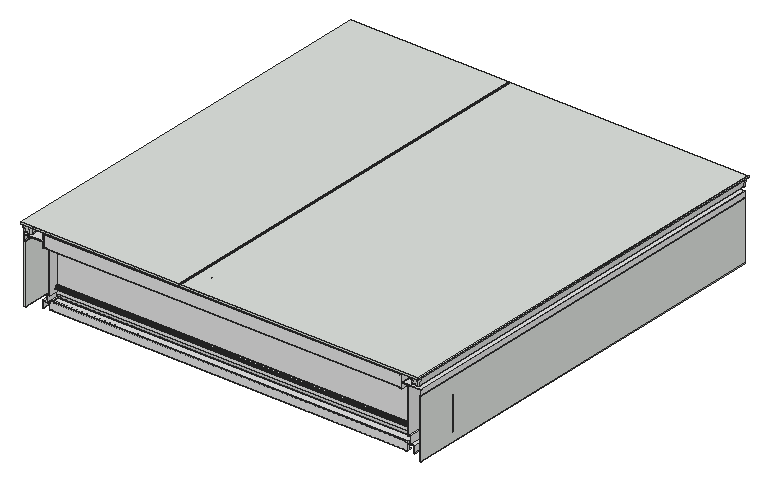
Revit family "Furniture-Mirror_Cabinet-KOHLER-K-56003K_1", category Casework, host Face, Revit 2022 (continued)
Definition of nested family "K-56003K"
  Forms (in)
    Extrusion 35, solid, material <- "Material", detail levels coarse
      sketch origin (0, 0, 0) x (0, 1, 0) y (0, 0, 1)
        loop
          line (-12.23622, 0.44444) -> (-12.23622, 0) -> (-11.96497, 0) -> (-11.96497, 0.0431) -> (-12.19304, 0.0431) -> (-12.19304, 0.40015) -> (-11.64114, 0.40015) -> (-11.64114, 4.49745) -> (-12.73716, 4.49745) -> (-12.73716, 3.73949) -> (-12.63303, 3.73949) -> (-12.63303, 3.78334) -> (-12.69491, 3.78334) -> (-12.69491, 4.45471) -> (-11.68789, 4.45471) -> (-11.68789, 0.44444) -> (-12.23622, 0.44444)
      from -11.26969 to 11.26969
    Extrusion 36, solid, detail levels coarse
      sketch origin (0, 0, 0) x (1, 0, 0) y (0, 1, 0)
        loop
          line (12.53937, -12.99213) -> (12.53937, 12.99213) -> (-2.46063, 12.99213) -> (-2.46063, -12.99213) -> (12.53937, -12.99213)
        loop
          line (-12.53937, -12.99213) -> (-2.53937, -12.99213) -> (-2.53937, 12.99213) -> (-12.53937, 12.99213) -> (-12.53937, -12.99213)
      from 4.76417 to 4.88228
  Cuts and joins
    Extrusion 3, Extrusion 16 cuts Extrusion 1
    joined: Extrusion 5, Extrusion 7
    joined: Sweep 8, Extrusion 10
    joined: Sweep 14, Extrusion 15
    joined: Sweep 19, Extrusion 20, Extrusion 21, Sweep 22, Extrusion 23, Extrusion 24
    Extrusion 3 cuts Extrusion 34
  Lines and regions (in)
    Masking region 1
      outline origin (0, 0, 0) x (1, 0, 0) y (0, 1, 0)
        loop
          line (12.53937, -12.96713) -> (12.53937, 12.96713) -> (12.51437, 12.99213) -> (-2.43563, 12.99213) -> (-2.46063, 12.96713) -> (-2.46063, 12.73622) -> (-2.53937, 12.73622) -> (-2.53937, 12.96713) -> (-2.56437, 12.99213) -> (-12.51437, 12.99213) -> (-12.53937, 12.96713) -> (-12.53937, -12.96713) -> (-12.51437, -12.99213) -> (-2.56437, -12.99213) -> (-2.53937, -12.96713) -> (-2.53937, -12.73622) -> (-2.46063, -12.73622) -> (-2.46063, -12.96713) -> (-2.43563, -12.99213) -> (12.51437, -12.99213) -> (12.53937, -12.96713)
    Masking region 2, visible <- "Surface Mount"
      outline origin (0, 0, 0) x (1, 0, 0) y (0, 0, 1)
        loop
          line (12.51969, 0.05348) -> (12.51969, 3.70975) -> (12.49743, 3.73201) -> (12.42383, 3.73201) -> (12.40157, 3.70975) -> (12.40157, 3.26109) -> (12.33796, 3.26109) -> (12.33796, 2.5909) -> (11.33317, 2.5909) -> (11.33317, 1.94195) -> (11.32087, 1.98811) -> (11.32087, 1.7751) -> (11.33317, 1.82127) -> (11.33317, 1.17231) -> (12.33496, 1.17231) -> (12.33496, 0.50474) -> (12.38189, 0.50474) -> (12.38189, 0.62177) -> (12.40157, 0.58768) -> (12.40157, 0.05348) -> (12.42383, 0.03122) -> (12.49743, 0.03122) -> (12.51969, 0.05348)
    Masking region 3, visible <- "Surface Mount"
      outline origin (0, 0, 0) x (-1, 0, 0) y (0, 0, -1)
        loop
          line (12.51969, -0.05348) -> (12.49743, -0.03122) -> (12.42383, -0.03122) -> (12.40157, -0.05348) -> (12.40157, -0.58768) -> (12.38189, -0.62177) -> (12.38189, -0.50474) -> (12.33496, -0.50474) -> (12.33496, -1.17231) -> (11.33317, -1.17231) -> (11.33317, -1.82127) -> (11.32087, -1.7751) -> (11.32087, -1.98811) -> (11.33317, -1.94195) -> (11.33317, -2.5909) -> (12.33796, -2.5909) -> (12.33796, -3.26109) -> (12.40157, -3.26109) -> (12.40157, -3.70975) -> (12.42383, -3.73201) -> (12.49743, -3.73201) -> (12.51969, -3.70975) -> (12.51969, -0.05348)
    Masking region 4
      outline origin (0, 0, 0) x (1, 0, 0) y (0, 0, 1)
        loop
          line (11.71937, 0.02165) -> (11.71937, 0.4207)
          arc (11.71937, 0.4207) -> (11.71277, 0.43663) -> (11.69685, 0.44323) r 0.02252
          line (11.69685, 0.44323) -> (11.48425, 0.44323) -> (11.48425, 0.868)
          arc (11.48425, 0.868) -> (11.47836, 0.88222) -> (11.46414, 0.88811) r 0.02011
          line (11.46414, 0.88811) -> (11.34682, 0.88811)
          arc (11.34682, 0.88811) -> (11.32847, 0.89571) -> (11.32087, 0.91406) r 0.02595
          line (11.32087, 0.91406) -> (11.32087, 1.33043) -> (11.32087, 4.03248)
          arc (11.32087, 4.03248) -> (11.32857, 4.05108) -> (11.34717, 4.05878) r 0.0263
          line (11.34717, 4.05878) -> (12.44542, 4.05878)
          arc (12.44542, 4.05878) -> (12.46174, 4.05202) -> (12.4685, 4.03569) r 0.02309
          line (12.4685, 4.03569) -> (12.4685, 3.76545)
          arc (12.4685, 3.76545) -> (12.49409, 3.73986) -> (12.51969, 3.76545) r 0.02559
          line (12.51969, 3.76545) -> (12.51969, 4.08757)
          arc (12.51969, 4.08757) -> (12.51313, 4.1034) -> (12.49729, 4.10996) r 0.02239
          line (12.49729, 4.10996) -> (11.32087, 4.10996) -> (11.32087, 4.14146) -> (11.77792, 4.14146)
          arc (11.77792, 4.14146) -> (11.80276, 4.15174) -> (11.81305, 4.17658) r 0.03513
          line (11.81305, 4.17658) -> (11.81305, 4.22874) -> (12.31652, 4.22874) -> (12.31652, 4.26024) -> (12.4036, 4.26024)
          arc (12.4036, 4.26024) -> (12.43083, 4.27083) -> (12.44376, 4.29704) r 0.04032
          line (12.44376, 4.29704) -> (12.48287, 4.76417) -> (12.51437, 4.76417) -> (12.53937, 4.78917) -> (12.53937, 4.85728) -> (12.51437, 4.88228) -> (-2.43563, 4.88228) -> (-2.46063, 4.85728) -> (-2.46063, 4.78917) -> (-2.43563, 4.76417) -> (-2.36574, 4.76417)
          arc (-2.36574, 4.76417) -> (-2.34968, 4.7494) -> (-2.33052, 4.73897) r 0.08914
          arc (-2.33052, 4.73897) -> (-2.29803, 4.70569) -> (-2.27902, 4.66324) r 0.13267
          arc (-2.27902, 4.66324) -> (-2.27224, 4.64724) -> (-2.25617, 4.64064) r 0.02286
          line (-2.25617, 4.64064) -> (-2.20035, 4.64064) -> (-2.20035, 4.60227) -> (-2.18272, 4.53647)
          arc (-2.18272, 4.53647) -> (-2.17317, 4.52218) -> (-2.1569, 4.51665) r 0.02673
          line (-2.1569, 4.51665) -> (-1.90374, 4.51665)
          arc (-1.90374, 4.51665) -> (-1.88711, 4.52246) -> (-1.87771, 4.53736) r 0.02671
          line (-1.87771, 4.53736) -> (-1.86273, 4.60227) -> (-1.86273, 4.6388) -> (10.57114, 4.64075) -> (10.5966, 4.49637) -> (-10.59431, 4.49637) -> (-10.57914, 4.64064) -> (-3.13594, 4.64064) -> (-3.13594, 4.60227) -> (-3.12095, 4.53736)
          arc (-3.12095, 4.53736) -> (-3.11155, 4.52246) -> (-3.09492, 4.51665) r 0.02671
          line (-3.09492, 4.51665) -> (-2.84176, 4.51665)
          arc (-2.84176, 4.51665) -> (-2.82549, 4.52218) -> (-2.81594, 4.53647) r 0.02673
          line (-2.81594, 4.53647) -> (-2.79831, 4.60227) -> (-2.79831, 4.64064) -> (-2.74712, 4.64064)
          arc (-2.74712, 4.64064) -> (-2.73104, 4.64724) -> (-2.72426, 4.66324) r 0.02286
          arc (-2.72426, 4.66324) -> (-2.70525, 4.70569) -> (-2.67276, 4.73897) r 0.13267
          arc (-2.67276, 4.73897) -> (-2.6536, 4.7494) -> (-2.63754, 4.76417) r 0.08914
          line (-2.63754, 4.76417) -> (-2.56437, 4.76417) -> (-2.53937, 4.78917) -> (-2.53937, 4.85728) -> (-2.56437, 4.88228) -> (-12.51437, 4.88228) -> (-12.53937, 4.85728) -> (-12.53937, 4.78917) -> (-12.51437, 4.76417) -> (-12.48287, 4.76417) -> (-12.44376, 4.29704)
          arc (-12.44376, 4.29704) -> (-12.43083, 4.27083) -> (-12.4036, 4.26024) r 0.04032
          line (-12.4036, 4.26024) -> (-12.31652, 4.26024) -> (-12.31652, 4.22874) -> (-11.81305, 4.22874) -> (-11.81305, 4.19682)
          arc (-11.81305, 4.19682) -> (-11.80368, 4.1742) -> (-11.78106, 4.16484) r 0.03198
          line (-11.78106, 4.16484) -> (-11.32087, 4.16484) -> (-11.32087, 4.10996) -> (-12.49729, 4.10996)
          arc (-12.49729, 4.10996) -> (-12.51313, 4.1034) -> (-12.51969, 4.08757) r 0.02239
          line (-12.51969, 4.08757) -> (-12.51969, 3.76545)
          arc (-12.51969, 3.76545) -> (-12.49409, 3.73986) -> (-12.4685, 3.76545) r 0.02559
          line (-12.4685, 3.76545) -> (-12.4685, 4.03569)
          arc (-12.4685, 4.03569) -> (-12.46174, 4.05202) -> (-12.44542, 4.05878) r 0.02309
          line (-12.44542, 4.05878) -> (-11.34717, 4.05878)
          arc (-11.34717, 4.05878) -> (-11.32857, 4.05108) -> (-11.32087, 4.03248) r 0.0263
          line (-11.32087, 4.03248) -> (-11.32087, 1.33043) -> (-11.32087, 0.91406)
          arc (-11.32087, 0.91406) -> (-11.32847, 0.89571) -> (-11.34682, 0.88811) r 0.02595
          line (-11.34682, 0.88811) -> (-11.46414, 0.88811)
          arc (-11.46414, 0.88811) -> (-11.47836, 0.88222) -> (-11.48425, 0.868) r 0.02011
          line (-11.48425, 0.868) -> (-11.48425, 0.44323) -> (-11.69685, 0.44323)
          arc (-11.69685, 0.44323) -> (-11.71277, 0.43663) -> (-11.71937, 0.4207) r 0.02252
          line (-11.71937, 0.4207) -> (-11.71937, 0.02165)
          arc (-11.71937, 0.02165) -> (-11.69772, 0) -> (-11.67606, 0.02165) r 0.02165
          line (-11.67606, 0.02165) -> (-11.67606, 0.3801)
          arc (-11.67606, 0.3801) -> (-11.67026, 0.39412) -> (-11.65624, 0.39992) r 0.01982
          line (-11.65624, 0.39992) -> (-11.30402, 0.39992) -> (-11.26997, 0.38811) -> (-11.60886, 0.38811) -> (-11.63386, 0.36311) -> (-11.63386, 0.295) -> (-11.60886, 0.27) -> (-11.26997, 0.27) -> (-11.26997, 0) -> (11.26997, 0) -> (11.26997, 0.27) -> (11.60886, 0.27) -> (11.63386, 0.295) -> (11.63386, 0.36311) -> (11.60886, 0.38811) -> (11.26997, 0.38811) -> (11.30402, 0.39992) -> (11.65624, 0.39992)
          arc (11.65624, 0.39992) -> (11.67026, 0.39412) -> (11.67606, 0.3801) r 0.01982
          line (11.67606, 0.3801) -> (11.67606, 0.02165)
          arc (11.67606, 0.02165) -> (11.69772, 0) -> (11.71937, 0.02165) r 0.02165
        loop
          arc (11.44094, 0.8236) -> (11.43474, 0.83859) -> (11.41975, 0.8448) r 0.0212
          line (11.41975, 0.8448) -> (11.2924, 0.8448)
          arc (11.2924, 0.8448) -> (11.27654, 0.85137) -> (11.26997, 0.86723) r 0.02243
          line (11.26997, 0.86723) -> (11.26997, 0.4223)
          arc (11.26997, 0.4223) -> (11.2761, 0.4371) -> (11.2909, 0.44323) r 0.02093
          line (11.2909, 0.44323) -> (11.41934, 0.44323)
          arc (11.41934, 0.44323) -> (11.43462, 0.44955) -> (11.44094, 0.46483) r 0.0216
          line (11.44094, 0.46483) -> (11.44094, 0.8236)
        loop
          line (-11.44094, 0.8236) -> (-11.44094, 0.46483)
          arc (-11.44094, 0.46483) -> (-11.43462, 0.44955) -> (-11.41934, 0.44323) r 0.0216
          line (-11.41934, 0.44323) -> (-11.2909, 0.44323)
          arc (-11.2909, 0.44323) -> (-11.2761, 0.4371) -> (-11.26997, 0.4223) r 0.02093
          line (-11.26997, 0.4223) -> (-11.26997, 0.86723)
          arc (-11.26997, 0.86723) -> (-11.27654, 0.85137) -> (-11.2924, 0.8448) r 0.02243
          line (-11.2924, 0.8448) -> (-11.41975, 0.8448)
          arc (-11.41975, 0.8448) -> (-11.43474, 0.83859) -> (-11.44094, 0.8236) r 0.0212
    Masking region 5
      outline origin (0, 0, 0) x (0, 1, 0) y (0, 0, 1)
        loop
          line (12.99213, 4.78917) -> (12.99213, 4.85728) -> (12.96713, 4.88228) -> (-12.96713, 4.88228) -> (-12.99213, 4.85728) -> (-12.99213, 4.78917) -> (-12.96713, 4.76417) -> (-12.89098, 4.76417) -> (-12.84298, 4.30747)
          arc (-12.84298, 4.30747) -> (-12.82582, 4.27379) -> (-12.79052, 4.26024) r 0.05275
          line (-12.79052, 4.26024) -> (-12.73622, 4.26024) -> (-12.73622, 3.73988) -> (-12.23622, 3.73988) -> (-12.19156, 3.73201) -> (12.19156, 3.73201) -> (12.23622, 3.73988) -> (12.73622, 3.73988) -> (12.73622, 4.26024) -> (12.79052, 4.26024)
          arc (12.79052, 4.26024) -> (12.82582, 4.27379) -> (12.84298, 4.30747) r 0.05275
          line (12.84298, 4.30747) -> (12.89098, 4.76417) -> (12.96713, 4.76417) -> (12.99213, 4.78917)
        loop
          line (-7.49082, 4.18626) -> (-7.41684, 4.26024) -> (-7.87124, 4.26024) -> (-7.87124, 4.1719)
          arc (-7.87124, 4.1719) -> (-7.88237, 4.14503) -> (-7.90924, 4.1339) r 0.038
          line (-7.90924, 4.1339) -> (-8.31286, 4.1339)
          arc (-8.31286, 4.1339) -> (-8.34904, 4.14359) -> (-8.37552, 4.17007) r 0.07235
          line (-8.37552, 4.17007) -> (-9.62193, 4.17007)
          arc (-9.62193, 4.17007) -> (-9.64841, 4.14359) -> (-9.68458, 4.1339) r 0.07235
          line (-9.68458, 4.1339) -> (-10.08821, 4.1339)
          arc (-10.08821, 4.1339) -> (-10.11508, 4.14503) -> (-10.12621, 4.1719) r 0.038
          line (-10.12621, 4.1719) -> (-10.12621, 4.26024) -> (-10.58316, 4.26024) -> (-10.50918, 4.18626)
          arc (-10.50918, 4.18626) -> (-10.41834, 4.12556) -> (-10.31119, 4.10424) r 0.28
          line (-10.31119, 4.10424) -> (-7.68881, 4.10424)
          arc (-7.68881, 4.10424) -> (-7.58166, 4.12556) -> (-7.49082, 4.18626) r 0.28
        loop
          arc (7.49082, 4.18626) -> (7.58166, 4.12556) -> (7.68881, 4.10424) r 0.28
          line (7.68881, 4.10424) -> (10.31119, 4.10424)
          arc (10.31119, 4.10424) -> (10.41834, 4.12556) -> (10.50918, 4.18626) r 0.28
          line (10.50918, 4.18626) -> (10.58316, 4.26024) -> (10.12621, 4.26024) -> (10.12621, 4.1719)
          arc (10.12621, 4.1719) -> (10.11508, 4.14503) -> (10.08821, 4.1339) r 0.038
          line (10.08821, 4.1339) -> (9.68458, 4.1339)
          arc (9.68458, 4.1339) -> (9.64841, 4.14359) -> (9.62193, 4.17007) r 0.07235
          line (9.62193, 4.17007) -> (8.37552, 4.17007)
          arc (8.37552, 4.17007) -> (8.34904, 4.14359) -> (8.31286, 4.1339) r 0.07235
          line (8.31286, 4.1339) -> (7.90924, 4.1339)
          arc (7.90924, 4.1339) -> (7.88237, 4.14503) -> (7.87124, 4.1719) r 0.038
          line (7.87124, 4.1719) -> (7.87124, 4.26024) -> (7.41684, 4.26024) -> (7.49082, 4.18626)
    Masking region 6, visible <- "Surface Mount"
      outline origin (0, 0, 0) x (0, 1, 0) y (0, 0, 1)
        loop
          line (12.73622, 3.70602) -> (12.71023, 3.73201) -> (-12.71023, 3.73201) -> (-12.73622, 3.70602) -> (-12.73622, 0.05721) -> (-12.71003, 0.03102) -> (-12.23622, 0.03102) -> (-12.23622, 0) -> (12.23622, 0) -> (12.23622, 0.03122) -> (12.71023, 0.03122) -> (12.73622, 0.05721) -> (12.73622, 3.70602)
    Masking region 7, visible <- "Recess Mount"
      outline origin (0, 0, 0) x (0, 1, 0) y (0, 0, 1)
        loop
          line (12.23622, 3.73201) -> (-12.23622, 3.73201) -> (-12.23622, 0) -> (12.23622, 0) -> (12.23622, 3.73201)
    symbolic lines, detail levels medium+fine
      curve 1: line (-2.56437, 12.96713, 0) -> (-12.51437, 12.96713, 0)
      curve 2: line (-12.51437, 12.96713, 0) -> (-12.51437, -12.96713, 0)
      curve 3: line (-12.51437, -12.96713, 0) -> (-2.56437, -12.96713, 0)
      curve 4: line (-2.56437, -12.96713, 0) -> (-2.56437, 12.96713, 0)
      curve 5: line (12.51437, 12.96713, 0) -> (-2.43563, 12.96713, 0)
      curve 6: line (-2.43563, 12.96713, 0) -> (-2.43563, -12.96713, 0)
      curve 7: line (-2.43563, -12.96713, 0) -> (12.51437, -12.96713, 0)
      curve 8: line (12.51437, -12.96713, 0) -> (12.51437, 12.96713, 0)
      curve 9: line (-2.53937, 4.61811, 0) -> (-2.46063, 4.61811, 0)
      curve 10: line (-2.53937, 4.57874, 0) -> (-2.46063, 4.57874, 0)
      curve 11: line (-2.53937, 4.42126, 0) -> (-2.46063, 4.42126, 0)
      curve 12: line (-2.53937, 4.38189, 0) -> (-2.46063, 4.38189, 0)
      curve 13: line (-2.53937, -4.38189, 0) -> (-2.46063, -4.38189, 0)
      curve 14: line (-2.53937, -4.42126, 0) -> (-2.46063, -4.42126, 0)
      curve 15: line (-2.53937, -4.57874, 0) -> (-2.46063, -4.57874, 0)
      curve 16: line (-2.53937, -4.61811, 0) -> (-2.46063, -4.61811, 0)
      curve 17: line (-2.53937, -12.70904, 0) -> (-2.46063, -12.70904, 0)
      curve 18: line (-2.53937, -12.73622, 0) -> (-2.53937, 12.96713, 0)
      curve 19: line (-2.46063, 12.96713, 0) -> (-2.46063, -12.73622, 0)
      curve 20: line (-2.53937, -11.59853, 0) -> (-2.46063, -11.59853, 0)
      curve 21: line (-2.53937, -11.67855, 0) -> (-2.46063, -11.67855, 0)
      curve 22: line (-2.53937, -11.76648, 0) -> (-2.46063, -11.76648, 0)
      curve 23: line (-2.53937, 12.72112, 0) -> (-2.46063, 12.72112, 0)
      curve 44: line (11.48425, 0, 0.44323) -> (11.48425, 0, 0.868)
      curve 45: line (11.44094, 0, 0.8236) -> (11.44094, 0, 0.46483)
      curve 46: line (11.26997, 0, 0.38811) -> (11.60886, 0, 0.38811)
      curve 47: line (11.26997, 0, 0.27) -> (11.26997, 0, 0.38811)
      curve 48: line (11.26997, 0, 0.86723) -> (11.26997, 0, 1.56921)
      curve 49: line (11.26997, 0, 0.4223) -> (11.26997, 0, 0.86723)
      curve 50: line (12.51969, 0, 3.76368) -> (12.51969, 0, 4.08757)
      curve 51: line (12.49729, 0, 4.10996) -> (11.32087, 0, 4.10996)
      curve 52: line (12.4685, 0, 4.03569) -> (12.4685, 0, 3.76368)
      curve 53: line (11.26969, 0, 4.51665) -> (11.26969, 0, 0.8598)
      curve 54: line (11.32087, 0, 4.14146) -> (11.32087, 0, 4.51665)
      curve 55: line (11.32087, 0, 4.51665) -> (11.26969, 0, 4.51665)
      curve 56: line (-2.36574, 0, 4.76417) -> (12.48287, 0, 4.76417)
      curve 57: line (-12.51437, 0, 4.76417) -> (-2.63754, 0, 4.76417)
      curve 58: line (12.51481, 0, 4.86431) -> (-2.43436, 0, 4.86431)
      curve 59: line (12.51481, 0, 4.77803) -> (12.51481, 0, 4.86431)
      curve 60: line (-2.43436, 0, 4.77803) -> (12.51481, 0, 4.77803)
      curve 61: line (-2.43436, 0, 4.86431) -> (-2.43436, 0, 4.77803)
      curve 62: line (-2.56441, 0, 4.86431) -> (-12.51481, 0, 4.86431)
      curve 63: line (-2.56441, 0, 4.77493) -> (-2.56441, 0, 4.86431)
      curve 64: line (-12.51481, 0, 4.77493) -> (-2.56441, 0, 4.77493)
      curve 65: line (11.9199, 0, 4.76417) -> (11.99389, 0, 4.29704)
      curve 66: arc (11.99389, 0, 4.29704) -> (12.00681, 0, 4.27083) -> (12.03405, 0, 4.26024) r 0.04032
      curve 67: line (12.44376, 0, 4.29704) -> (11.99389, 0, 4.29704)
      curve 68: line (12.43484, 0, 4.76417) -> (12.39076, 0, 4.26024)
      curve 69: line (11.97211, 0, 4.76417) -> (12.05193, 0, 4.26024)
      curve 70: line (10.57114, 0, 4.64075) -> (10.5966, 0, 4.49637)
      curve 71: line (10.5966, 0, 4.49637) -> (11.26969, 0, 4.49637)
      curve 72: line (10.57114, 0, 4.64075) -> (11.93945, 0, 4.64075)
      curve 73: line (-2.84176, 0, 4.51665) -> (-3.09492, 0, 4.51665)
      curve 74: line (-1.85387, 0, 4.64064) -> (-1.87771, 0, 4.53736)
      curve 75: line (-11.69685, 0, 0.44323) -> (-11.48425, 0, 0.44323)
      curve 76: line (-11.30402, 0, 0.39992) -> (-11.65624, 0, 0.39992)
      curve 77: line (-11.48425, 0, 0.44323) -> (-11.48425, 0, 0.868)
      curve 78: line (-11.44094, 0, 0.8236) -> (-11.44094, 0, 0.46483)
      curve 79: line (-11.41934, 0, 0.44323) -> (-11.2909, 0, 0.44323)
      curve 80: line (-11.26997, 0, 0.27) -> (-11.26997, 0, 0.38811)
      curve 81: line (-11.26997, 0, 0.86723) -> (-11.26997, 0, 1.56921)
      curve 82: line (-11.26997, 0, 0.4223) -> (-11.26997, 0, 0.86723)
      curve 83: line (-12.49729, 0, 4.10996) -> (-11.32087, 0, 4.10996)
      curve 84: line (-11.26969, 0, 4.51665) -> (-11.26969, 0, 0.8598)
      curve 85: line (-11.32087, 0, 4.16484) -> (-11.32087, 0, 4.51665)
      curve 86: line (-11.32087, 0, 4.51665) -> (-11.26969, 0, 4.51665)
      curve 87: line (-12.51481, 0, 4.77493) -> (-12.51481, 0, 4.86431)
      curve 88: line (-11.9199, 0, 4.76417) -> (-11.99389, 0, 4.29704)
      curve 89: arc (-11.99389, 0, 4.29704) -> (-12.00681, 0, 4.27083) -> (-12.03405, 0, 4.26024) r 0.04032
      curve 90: line (-12.44376, 0, 4.29704) -> (-11.99389, 0, 4.29704)
      curve 91: line (-12.43484, 0, 4.76417) -> (-12.39076, 0, 4.26024)
      curve 92: line (-11.97211, 0, 4.76417) -> (-12.05193, 0, 4.26024)
      curve 93: line (-10.59431, 0, 4.49637) -> (-11.26969, 0, 4.49637)
      curve 94: line (-10.57114, 0, 4.64075) -> (-11.93945, 0, 4.64075)
      curve 95: line (11.26997, 0, 0.4223) -> (11.26997, 0, 0.38811)
      curve 96: line (-11.26997, 0, 0.4223) -> (-11.26997, 0, 0.38811)
      curve 97: line (-12.31652, 0, 4.26024) -> (-11.32087, 0, 4.26024)
      curve 98: line (-2.79831, 0, 4.64064) -> (-3.13594, 0, 4.64064)
      curve 99: line (-2.72426, 0, 4.66324) -> (-11.9364, 0, 4.66324)
      curve 100: line (-2.67276, 0, 4.73897) -> (-11.92473, 0, 4.73897)
      curve 101: line (-2.20035, 0, 4.64064) -> (-1.85387, 0, 4.64064)
      curve 102: line (-2.27902, 0, 4.66324) -> (10.56745, 0, 4.66324)
      curve 103: line (-2.33052, 0, 4.73897) -> (10.55501, 0, 4.73897)
      curve 104: line (10.57114, 0, 4.64075) -> (10.55087, 0, 4.76417)
      curve 105: line (12.31652, 0, 4.26024) -> (11.32087, 0, 4.26024)
      curve 106: line (11.77273, 0, 4.14146) -> (11.77273, 0, 4.22874)
      curve 107: line (-11.77273, 0, 4.16484) -> (-11.77273, 0, 4.22874)
      curve 108: line (-11.63386, 0, 0.295) -> (-11.26997, 0, 0.295)
      curve 109: line (-11.63386, 0, 0.36311) -> (-11.26997, 0, 0.36311)
      curve 110: line (11.63386, 0, 0.295) -> (11.26997, 0, 0.295)
      curve 111: line (11.63386, 0, 0.36311) -> (11.26997, 0, 0.36311)
      curve 112: line (11.26969, 0, 4.47116) -> (-11.26969, 0, 4.47116)
      curve 113: line (-11.26997, 0, 1.25572) -> (11.26997, 0, 1.25572)
      curve 114: line (-11.26997, 0, 1.19224) -> (11.26997, 0, 1.19224)
      curve 115: line (-11.26997, 0, 1.06029) -> (11.26997, 0, 1.06029)
      curve 116: line (-11.26997, 0, 1.00428) -> (11.26997, 0, 1.00428)
      curve 117: line (-11.26997, 0, 0.66444) -> (11.26997, 0, 0.66444)
      curve 118: line (-11.26997, 0, 0.53817) -> (11.26997, 0, 0.53817)
      curve 119: line (-11.26969, 0, 3.79561) -> (11.26969, 0, 3.79561)
      curve 120: line (-11.26969, 0, 3.73988) -> (11.26969, 0, 3.73988)
      curve 121: line (-11.26969, 0, 3.64251) -> (11.26969, 0, 3.64251)
      curve 122: line (-11.26969, 0, 3.58983) -> (11.26969, 0, 3.58983)
      curve 123: line (-11.26969, 0, 3.45649) -> (11.26969, 0, 3.45649)
      curve 124: line (-11.26969, 0, 3.38596) -> (11.26969, 0, 3.38596)
      curve 125: line (11.26997, 0, 0.03122) -> (-11.27006, 0, 0.03122)
      curve 126: line (11.81305, 0, 4.22874) -> (11.32087, 0, 4.22874)
      curve 127: line (-11.81305, 0, 4.22874) -> (-11.32087, 0, 4.22874)
      curve 128: line (0, 12.96713, 4.78614) -> (0, -12.96713, 4.78614)
      curve 129: line (0, -12.96713, 4.78614) -> (0, -12.96713, 4.85425)
      curve 130: line (0, -12.96713, 4.85425) -> (0, 12.96713, 4.85425)
      curve 131: line (0, 12.96713, 4.85425) -> (0, 12.96713, 4.78614)
      curve 132: line (0, -12.89098, 4.76417) -> (0, 12.89098, 4.76417)
      curve 133: line (0, -12.83303, 4.76417) -> (0, -12.79052, 4.26024)
      curve 134: line (0, 12.83303, 4.76417) -> (0, 12.79052, 4.26024)
      curve 135: line (0, 12.84298, 4.30747) -> (0, -12.84298, 4.30747)
      curve 136: line (0, -10.58316, 4.26024) -> (0, -12.73622, 4.26024)
      curve 137: line (0, -7.41684, 4.26024) -> (0, 7.41684, 4.26024)
      curve 138: line (0, -7.87124, 4.26024) -> (0, -10.12621, 4.26024)
      curve 139: line (0, -9.62193, 4.17007) -> (0, -9.62193, 4.26024)
      curve 140: line (0, -8.37552, 4.17007) -> (0, -8.37552, 4.26024)
      curve 141: line (0, -8.37552, 4.21516) -> (0, -9.62193, 4.21516)
      curve 142: line (0, -8.31286, 4.1339) -> (0, -8.31286, 4.26024)
      curve 143: line (0, -7.90924, 4.1339) -> (0, -7.90924, 4.26024)
      curve 144: line (0, -9.68458, 4.1339) -> (0, -9.68458, 4.26024)
      curve 145: line (0, -10.08821, 4.1339) -> (0, -10.08821, 4.26024)
      curve 146: line (0, 7.87124, 4.26024) -> (0, 7.87124, 4.1719)
      curve 147: line (0, 8.37552, 4.17007) -> (0, 9.62193, 4.17007)
      curve 148: line (0, 7.87124, 4.26024) -> (0, 10.12621, 4.26024)
      curve 149: line (0, 9.62193, 4.17007) -> (0, 9.62193, 4.26024)
      curve 150: line (0, 8.37552, 4.17007) -> (0, 8.37552, 4.26024)
      curve 151: line (0, 8.37552, 4.21516) -> (0, 9.62193, 4.21516)
      curve 152: line (0, 8.31286, 4.1339) -> (0, 8.31286, 4.26024)
      curve 153: line (0, 7.90924, 4.1339) -> (0, 7.90924, 4.26024)
      curve 154: line (0, 9.68458, 4.1339) -> (0, 9.68458, 4.26024)
      curve 155: line (0, 10.08821, 4.1339) -> (0, 10.08821, 4.26024)
      curve 156: line (0, 10.58316, 4.26024) -> (0, 12.73622, 4.26024)
      curve 157: line (0, 12.73622, 4.00006) -> (0, -12.73622, 4.00006)
      curve 166: line (0, -12.23622, 3.73988) -> (0, 12.23622, 3.73988)
      curve 167: line (-11.32087, 0, 4.10996) -> (-11.32087, 0, 4.03248)
      curve 168: line (11.32087, 0, 4.03248) -> (11.32087, 0, 4.10996)
    symbolic lines, visible <- "Surface Mount", detail levels medium+fine
      curve 24: line (12.40157, 0, 3.26109) -> (12.40157, 0, 0.58768)
      curve 25: line (12.50469, 0, 0.04622) -> (12.41657, 0, 0.04622)
      curve 26: line (12.41657, 0, 0.04622) -> (12.41657, 0, 3.71701)
      curve 27: line (12.41657, 0, 3.71701) -> (12.50469, 0, 3.71701)
      curve 28: line (12.50469, 0, 3.71701) -> (12.50469, 0, 0.04622)
      curve 29: line (12.38189, 0, 0.62177) -> (12.38189, 0, 3.26109)
      curve 30: line (12.35396, 0, 3.26109) -> (12.35396, 0, 0.50474)
      curve 31: line (12.33496, 0, 1.17231) -> (12.33796, 0, 2.5909)
      curve 32: line (11.3554, 0, 2.5909) -> (11.3554, 0, 1.17231)
      curve 33: line (11.33317, 0, 1.94195) -> (11.33317, 0, 1.82127)
      curve 34: line (-12.40157, 0, 3.26109) -> (-12.40157, 0, 0.58768)
      curve 35: line (-12.50469, 0, 0.04622) -> (-12.41657, 0, 0.04622)
      curve 36: line (-12.41657, 0, 0.04622) -> (-12.41657, 0, 3.71701)
      curve 37: line (-12.41657, 0, 3.71701) -> (-12.50469, 0, 3.71701)
      curve 38: line (-12.50469, 0, 3.71701) -> (-12.50469, 0, 0.04622)
      curve 39: line (-12.38189, 0, 0.62177) -> (-12.38189, 0, 3.26109)
      curve 40: line (-12.35396, 0, 3.26109) -> (-12.35396, 0, 0.50474)
      curve 41: line (-12.33496, 0, 1.17231) -> (-12.33796, 0, 2.5909)
      curve 42: line (-11.3554, 0, 2.5909) -> (-11.3554, 0, 1.17231)
      curve 43: line (-11.33317, 0, 1.94195) -> (-11.33317, 0, 1.82127)
      curve 158: line (0, -12.23622, 0.03122) -> (0, 12.23622, 0.03122)
      curve 159: line (0, 12.72122, 0.04622) -> (0, 12.72122, 3.71701)
      curve 160: line (0, 12.72122, 3.71701) -> (0, -12.72122, 3.71701)
      curve 161: line (0, -12.72122, 3.71701) -> (0, -12.72122, 0.04622)
      curve 162: line (0, -12.72122, 0.04622) -> (0, 12.72122, 0.04622)
    symbolic lines, visible <- "Recess Mount", detail levels medium+fine
      curve 163: line (0, 12.23622, 2.4328) -> (0, -12.23622, 2.4328)
      curve 164: line (0, 12.23622, 1.52728) -> (0, -12.23622, 1.52728)
      curve 165: line (0, 12.23622, 0.03122) -> (0, -12.23622, 0.03122)
  Dimensions and locks (in)
    plane 12 to level = 4.88228"
    plane 6 to plane 7 = 25.07874"
    plane 5 to plane 4 = 25.03937"
    plane 12 to plane 13 = 0.62205"
    plane 10 to plane 18 = 3.70098"
    plane 11 to plane 18 = 4.48563"
    plane 8 to plane 9 = 25.47244"
    aligned and locked: plane 2 to level
